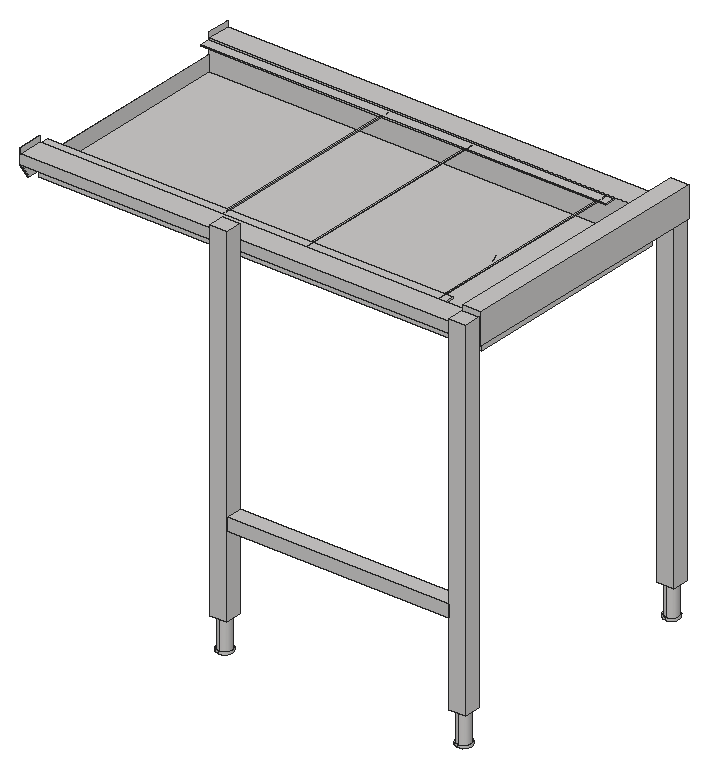
Revit family "QF_ELECTROLUXPROFESSIONAL_863131_HSSL11", category Specialty Equipment, Revit 2018
Family settings
  Round Connector Dimension = Use Diameter
  Part Type = Normal
  Work Plane-Based = No
  Always vertical = Yes
  Cut with Voids When Loaded = No
  Shared = No
  Room Calculation Point = No
Parameters
  Weight = 0.00 kg
  Watts = 0 W
  Volts = 0 V
  URL Manufacturer = "http://professional.electrolux.com/"
  URL = "http://professional.electrolux.com/"
  Steam Supply Size = 0 mm
  Steam Supply Minimum Pressure = 0.0 Pa
  Steam Supply Maximum Pressure = 0.0 Pa
  Steam Pounds per Hour = 0
  Refrigeration Suction Line Size = 0 mm
  Refrigeration Liquid Line Size = 0 mm
  Refrigerant Compressor Remote = yes
  Manufacturer = "Electrolux"
  Phase = 0
  Model = "HSSL11"
  Length Actual = 1100 mm  # constant formula
  Item Number = "863131"
  Hot Water Size = 0 mm
  Height Actual = 922 mm  # constant formula
  HP = "0 HP"
  Gas Size = 0 mm
  Gas KW = 0
  Gas Input Pressure = 0 W
  Description = "SIDE LOADER, DW DRIVEN L=1100"
  Depth Actual = 623 mm  # constant formula
  Cycle = 0 Hz
  Condensate Return Size = 0 mm
  Compressed Air Volume = 0.0 L/s
  Compressed Air Size = 0 mm
  Compressed Air Pressure = 0.0 Pa
  Cold Water Size = 0 mm
  Accessory = yes
Reference planes
  plane 1 "Centro (Fronte/Retro)": y = 74.737
  plane 2: z = 0
  plane 3 "LEFT": x = -1338.761
  plane 4 "BACK": y = 384.737
  plane 5 "FRONT": y = -235.263
  plane 6 "RIGHT": x = -238.761
  plane 7: z = 887.1
  plane 8: x = -548.761
Forms (mm)
  Extrusion 1, solid, material "QF_Finishes_Stainless Steel"
    sketch origin (11.239, 0, 0) x (0, 1, 0) y (0, 0, 1)
      loop
        line (-235.263, 874.1) -> (-235.263, 850.033) -> (-178.263, 850.033) -> (-178.263, 874.1) -> (-235.263, 874.1)
      loop
        line (384.737, 874.1) -> (327.737, 874.1) -> (327.737, 850.033) -> (384.737, 850.033) -> (384.737, 874.1)
    from -1348.8 to -293.54
  Extrusion 2, solid, material "QF_Finishes_Stainless Steel"
    sketch origin (11.239, 0, 0) x (0, 1, 0) y (0, 0, 1)
      loop
        line (-179.749, 850.033) -> (-179.749, 800.081) -> (329.266, 800.081) -> (329.266, 850.033) -> (327.737, 850.033) -> (327.737, 803.081) -> (-178.263, 803.081) -> (-178.263, 850.033) -> (-179.749, 850.033)
    from -1348.8 to -293.54
  Extrusion 3, solid, material "QF_Finishes_Stainless Steel"
    sketch origin (1218.899, 723.253, 4000) x (0, 1, 0) y (0, 0, 1)
      loop
        line (-903.002, -3149.967) -> (-903.002, -3199.919) -> (-393.987, -3199.919) -> (-393.987, -3149.967) -> (-903.002, -3149.967)
    from -1500 to -1501.2
  Extrusion 4, solid, material "QF_Finishes_Stainless Steel"
    sketch origin (-548.761, 803.498, 0) x (0, 1, 0) y (0, 0, 1)
      loop
        line (-1079.929, 300) -> (-1079.929, 270) -> (-1039.929, 270) -> (-1039.929, 300) -> (-1079.929, 300)
    from -264.04 to 266.46
  Extrusion 5, solid, material "QF_Finishes_Stainless Steel"
    sketch origin (162.439, 723.253, 4000) x (0, 1, 0) y (0, 0, 1)
      loop
        line (-958.516, -3112.9) -> (-958.516, -3149.967) -> (-934.752, -3185.632) -> (-903.002, -3185.632) -> (-903.002, -3199.919) -> (-382.009, -3199.919) -> (-382.009, -3185.632) -> (-362.281, -3185.632) -> (-338.516, -3149.967) -> (-338.516, -3112.9) -> (-395.516, -3112.9) -> (-395.516, -3161.926) -> (-901.516, -3161.926) -> (-901.516, -3112.9) -> (-958.516, -3112.9)
    from -1500 to -1501.2
  Extrusion 6, solid, material "QF_Finishes_Stainless Steel"
    sketch origin (800, 74.737, 0) x (1, 0, 0) y (0, 0, 1)
      loop
        line (-1082.301, 922.1) -> (-1082.301, 850.033) -> (-1038.761, 850.033) -> (-1038.761, 922.1) -> (-1082.301, 922.1)
    from -310 to 310
  Extrusion 7, solid, material "QF_Finishes_Stainless Steel"
    sketch origin (11.239, 0, 40) x (0, 1, 0) y (0, 0, 1)
      loop
        line (-178.263, 831.1) -> (-178.263, 828.1) -> (-152.853, 828.1) -> (-152.853, 831.1) -> (-178.263, 831.1)
      loop
        line (327.737, 828.1) -> (327.737, 831.1) -> (302.405, 831.1) -> (302.405, 828.1) -> (327.737, 828.1)
    from -1348.8 to -381.964
  Extrusion 8, solid, material "QF_Finishes_Stainless Steel"
    sketch origin (0, 74.737, 0) x (1, 0, 0) y (0, 0, 1)
      loop
        circle (-394.266, 866.614) r 1.486
      loop
        circle (-710.724, 866.614) r 1.486
      loop
        circle (-910.724, 866.614) r 1.486
    from -253 to 253
  Revolve 9, solid, material "QF_Finishes_Stainless Steel"
    sketch origin (-548.761, 0, 182.048) x (0, 1, 0) y (0, 0, 1)
      loop
        line (74.737, 618.033) -> (-1.756, 618.033) -> (-1.756, 601.823) -> (0.354, 601.823)
        arc (0.354, 601.823) -> (3.64, 597.973) -> (0.351, 594.125) r 3.897
        line (0.351, 594.125) -> (-1.756, 594.125) -> (-1.756, 551.31)
        arc (-1.756, 551.31) -> (8.91, 520.632) -> (36.296, 503.17) r 49.497
        line (36.296, 503.17) -> (36.296, 500.684) -> (37.487, 497.398) -> (51.25, 491.407) -> (51.25, 455.535) -> (52.727, 454.059) -> (74.737, 454.059) -> (74.737, 618.033)
      axis (74.737, 454.059) -> (74.737, 618.033)
    angle from 0 to 360
Cuts and joins
  joined: Extrusion 1, Extrusion 2, Extrusion 3, Extrusion 5, Extrusion 6, Extrusion 7, Extrusion 8
Lines and regions (mm)
  Masking region 1
    outline origin (0, 0, 0) x (1, 0, 0) y (0, 1, 0)
      loop
        line (-1338.761, 384.737) -> (-1338.761, -235.263) -> (-238.761, -235.263) -> (-238.761, 384.737) -> (-1338.761, 384.737)
  Split face 1
    outline origin (-282.301, 327.737, 803.081) x (-1, 0, 0) y (0, -1, 0)
      loop
        circle (266.46, 253) r 53
  Split face 2
    outline origin (-282.301, 327.737, 803.081) x (-1, 0, 0) y (0, -1, 0)
      loop
        circle (266.46, 253) r 36
  Split face 3
    outline origin (-282.301, 327.737, 803.081) x (-1, 0, 0) y (0, -1, 0)
      loop
        circle (266.46, 253) r 9.1
  Split face 4
    outline origin (-282.301, 327.737, 803.081) x (-1, 0, 0) y (0, -1, 0)
      loop
        circle (266.46, 253) r 3
  Split face 5
    outline origin (-282.301, 327.737, 803.081) x (-1, 0, 0) y (0, -1, 0)
      loop
        circle (266.46, 253) r 26
  symbolic lines
    curve 1: line (-238.761, 384.737, 0) -> (-1338.761, 384.737, 0)
    curve 2: line (-238.761, -235.263, 0) -> (-238.761, 384.737, 0)
    curve 3: line (-1338.761, -235.263, 0) -> (-238.761, -235.263, 0)
    curve 4: line (-282.301, -178.263, 0) -> (-1338.761, -178.263, 0)
    curve 5: line (-282.301, -235.263, 0) -> (-282.301, 384.737, 0)
    curve 6: line (-370.724, -178.263, 0) -> (-370.724, -152.853, 0)
    curve 7: line (-370.724, -152.853, 0) -> (-1338.761, -152.853, 0)
    curve 8: line (-912.211, -152.853, 0) -> (-912.211, 302.327, 0)
    curve 9: line (-1338.761, 327.737, 0) -> (-282.301, 327.737, 0)
    curve 10: line (-909.239, 302.327, 0) -> (-909.239, -152.853, 0)
    curve 11: line (-395.752, -152.853, 0) -> (-395.752, 302.327, 0)
    curve 12: line (-392.779, 302.147, 0) -> (-392.779, -152.853, 0)
    curve 13: line (-370.724, 327.737, 0) -> (-370.724, 302.327, 0)
    curve 14: line (-370.724, 302.327, 0) -> (-1338.761, 302.327, 0)
    curve 15: line (-1338.761, 74.737, 0) -> (-1308.761, 74.737, 0)
    curve 16: line (-548.761, -235.263, 0) -> (-548.761, -205.263, 0)
    curve 17: arc (-548.761, -1.756, 0) -> (-625.254, 74.737, 0) -> (-548.761, 151.231, 0) r 76.494
    curve 18: arc (-548.761, 151.231, 0) -> (-472.267, 74.737, 0) -> (-548.761, -1.756, 0) r 76.494
    curve 19: arc (-548.761, 96.747, 0) -> (-570.771, 74.737, 0) -> (-548.761, 52.727, 0) r 22.01
    curve 20: arc (-548.761, 52.727, 0) -> (-526.751, 74.737, 0) -> (-548.761, 96.747, 0) r 22.01
    curve 21: line (-712.211, -152.853, 0) -> (-712.211, 302.327, 0)
    curve 22: line (-709.239, 302.327, 0) -> (-709.239, -152.853, 0)
Dimensions and locks
  plane 3 "LEFT" to plane 6 "RIGHT" = 1100 mm
  equal spacing: plane 4 "BACK", plane 1 "Centro (Fronte/Retro)", plane 5 "FRONT"
  plane 4 "BACK" to plane 5 "FRONT" = 620 mm
  cut or joined group of Extrusion 1, Extrusion 2, Extrusion 3, Extrusion 5, Extrusion 6, Extrusion 7, Extrusion 8 to cut or joined group of Extrusion 1, Extrusion 2, Extrusion 3, Extrusion 5, Extrusion 6, Extrusion 7, Extrusion 8 = 506 mm
  Extrusion 8 sketch curve to Extrusion 8 sketch curve to Extrusion 8 sketch curve to plane 6 "RIGHT" = 200 mm locked, 316.459 mm locked, 155.505 mm locked
  plane 8 to plane 6 "RIGHT" = 310 mm
  aligned and locked: level to plane 2
Automatic sketch dimensions
  plane 5 "FRONT" to Extrusion 2 sketch curve = 55.514 mm
  Extrusion 2 sketch curve to Extrusion 2 sketch curve = 1.486 mm
  Extrusion 2 sketch curve to plane 4 "BACK" = 57 mm
  Extrusion 2 sketch curve to Extrusion 2 sketch curve = 1.529 mm
  Extrusion 2 sketch curve to plane 7 = 87.019 mm
  Extrusion 2 sketch curve to Extrusion 2 sketch curve = 3 mm
  Extrusion 2 sketch curve to plane 7 = 37.067 mm  (x2)
  plane 5 "FRONT" to Extrusion 3 sketch curve = 55.514 mm
  Extrusion 3 sketch curve to plane 4 "BACK" = 55.471 mm
  Extrusion 3 sketch curve to plane 7 = 87.019 mm
  Extrusion 3 sketch curve to plane 7 = 37.067 mm
  Masking region 1 sketch curve to plane 3 "LEFT" = 0 mm
  Masking region 1 sketch curve to plane 5 "FRONT" = 0 mm
  Masking region 1 sketch curve to plane 6 "RIGHT" = 0 mm
  Masking region 1 sketch curve to plane 4 "BACK" = 0 mm
  Extrusion 4 sketch curve to plane 5 "FRONT" = 41.168 mm
  Extrusion 4 sketch curve to plane 5 "FRONT" = 1.168 mm
  level to Extrusion 4 sketch curve = 270 mm
  Extrusion 4 sketch curve to Extrusion 4 sketch curve = 30 mm
  Extrusion 5 sketch curve to plane 5 "FRONT" = 0 mm
  Extrusion 5 sketch curve to plane 7 = 0 mm  (x2)
  Extrusion 5 sketch curve to plane 4 "BACK" = 0 mm
  plane 5 "FRONT" to Extrusion 5 sketch curve = 23.764 mm
  Extrusion 5 sketch curve to Extrusion 5 sketch curve = 31.75 mm
  plane 5 "FRONT" to Extrusion 5 sketch curve = 57 mm
  Extrusion 5 sketch curve to plane 4 "BACK" = 57 mm
  Extrusion 5 sketch curve to Extrusion 5 sketch curve = 13.508 mm
  Extrusion 5 sketch curve to Extrusion 5 sketch curve = 19.728 mm
  Extrusion 5 sketch curve to plane 7 = 37.067 mm  (x2)
  Extrusion 5 sketch curve to Extrusion 5 sketch curve = 11.959 mm
  Extrusion 5 sketch curve to Extrusion 5 sketch curve = 23.706 mm  (x2)
  Extrusion 5 sketch curve to Extrusion 5 sketch curve = 14.287 mm
  Extrusion 6 sketch curve to plane 6 "RIGHT" = 0 mm
  Extrusion 6 sketch curve to plane 6 "RIGHT" = 43.54 mm
  Extrusion 6 sketch curve to plane 7 = 37.067 mm
  plane 7 to Extrusion 6 sketch curve = 35 mm
  plane 5 "FRONT" to Extrusion 7 sketch curve = 57 mm
  Extrusion 7 sketch curve to plane 4 "BACK" = 57 mm
  Extrusion 7 sketch curve to plane 7 = 16 mm  (x2)
  Extrusion 7 sketch curve to Extrusion 7 sketch curve = 25.41 mm
  Extrusion 7 sketch curve to Extrusion 7 sketch curve = 25.332 mm
  Extrusion 7 sketch curve to Extrusion 7 sketch curve = 3 mm  (x2)
  Extrusion 1 sketch curve to plane 5 "FRONT" = 0 mm
  Extrusion 1 sketch curve to plane 4 "BACK" = 0 mm
  plane 5 "FRONT" to Extrusion 1 sketch curve = 57 mm
  Extrusion 1 sketch curve to plane 7 = 13 mm  (x2)
  Extrusion 1 sketch curve to plane 4 "BACK" = 57 mm
  Extrusion 1 sketch curve to Extrusion 1 sketch curve = 24.067 mm
  Extrusion 1 sketch curve to plane 7 = 37.067 mm
  plane 1 "Centro (Fronte/Retro)" to Revolve 9 sketch curve = 76.494 mm
  Revolve 9 sketch curve to Revolve 9 sketch curve = 0 mm  (x2)
  Revolve 9 sketch curve to Revolve 9 sketch curve = 1.5 mm
  Revolve 9 sketch curve to Revolve 9 sketch curve = 2.107 mm
  Revolve 9 sketch curve to Revolve 9 sketch curve = 2.11 mm
  plane 1 "Centro (Fronte/Retro)" to Revolve 9 sketch curve = 38.441 mm
  Revolve 9 sketch curve to Revolve 9 sketch curve = 1.191 mm
  plane 1 "Centro (Fronte/Retro)" to Revolve 9 sketch curve = 26.996 mm
  Revolve 9 sketch curve to Revolve 9 sketch curve = 13.764 mm
  Revolve 9 sketch curve to Revolve 9 sketch curve = 1.476 mm  (x2)
  Revolve 9 sketch curve to Revolve 9 sketch curve = 22.01 mm
  Revolve 9 sketch curve to plane 7 = 250.993 mm
  Revolve 9 sketch curve to Revolve 9 sketch curve = 35.872 mm
  Revolve 9 sketch curve to Revolve 9 sketch curve = 5.991 mm
  Revolve 9 sketch curve to Revolve 9 sketch curve = 3.286 mm
  Revolve 9 sketch curve to Revolve 9 sketch curve = 2.486 mm
  Revolve 9 sketch curve to Revolve 9 sketch curve = 48.139 mm
  Revolve 9 sketch curve to Revolve 9 sketch curve = 42.815 mm
  Revolve 9 sketch curve to Revolve 9 sketch curve = 3.849 mm
  Revolve 9 sketch curve to Revolve 9 sketch curve = 66.706 mm
  Revolve 9 sketch curve to Revolve 9 sketch curve = 3 mm
  Revolve 9 sketch curve to Revolve 9 sketch curve = 14.991 mm
  Extrusion 8 sketch curve to plane 7 = 20.486 mm  (x3)
  cut or joined group of Extrusion 1, Extrusion 2, Extrusion 3, Extrusion 5, Extrusion 6, Extrusion 7, Extrusion 8 to Split face 1 sketch curve = 266.46 mm
  cut or joined group of Extrusion 1, Extrusion 2, Extrusion 3, Extrusion 5, Extrusion 6, Extrusion 7, Extrusion 8 to Split face 1 sketch curve = 253 mm
  cut or joined group of Extrusion 1, Extrusion 2, Extrusion 3, Extrusion 5, Extrusion 6, Extrusion 7, Extrusion 8 to Split face 2 sketch curve = 266.46 mm
  cut or joined group of Extrusion 1, Extrusion 2, Extrusion 3, Extrusion 5, Extrusion 6, Extrusion 7, Extrusion 8 to Split face 2 sketch curve = 253 mm
  cut or joined group of Extrusion 1, Extrusion 2, Extrusion 3, Extrusion 5, Extrusion 6, Extrusion 7, Extrusion 8 to Split face 3 sketch curve = 266.46 mm
  cut or joined group of Extrusion 1, Extrusion 2, Extrusion 3, Extrusion 5, Extrusion 6, Extrusion 7, Extrusion 8 to Split face 3 sketch curve = 253 mm
  cut or joined group of Extrusion 1, Extrusion 2, Extrusion 3, Extrusion 5, Extrusion 6, Extrusion 7, Extrusion 8 to Split face 4 sketch curve = 266.46 mm
  cut or joined group of Extrusion 1, Extrusion 2, Extrusion 3, Extrusion 5, Extrusion 6, Extrusion 7, Extrusion 8 to Split face 4 sketch curve = 253 mm
  cut or joined group of Extrusion 1, Extrusion 2, Extrusion 3, Extrusion 5, Extrusion 6, Extrusion 7, Extrusion 8 to Split face 5 sketch curve = 266.46 mm
  cut or joined group of Extrusion 1, Extrusion 2, Extrusion 3, Extrusion 5, Extrusion 6, Extrusion 7, Extrusion 8 to Split face 5 sketch curve = 253 mm
  curve 17 to curve 18 = 0 mm  (x2)
  curve 17 to curve 19 = 0 mm  (x2)
  curve 17 to curve 20 = 0 mm  (x2)
  curve 18 to curve 19 = 0 mm  (x2)
  curve 18 to curve 20 = 0 mm  (x2)
  curve 19 to curve 20 = 0 mm  (x2)
  curve 1 to plane 3 "LEFT" = 0 mm
  plane 1 "Centro (Fronte/Retro)" to curve 15 = 0 mm
  curve 15 to plane 3 "LEFT" = 0 mm
  curve 14 to plane 3 "LEFT" = 0 mm
  curve 3 to plane 3 "LEFT" = 0 mm
  curve 9 to plane 3 "LEFT" = 0 mm
  curve 4 to plane 3 "LEFT" = 0 mm
  curve 7 to plane 3 "LEFT" = 0 mm
  curve 16 to plane 5 "FRONT" = 0 mm
  curve 19 to plane 8 = 0 mm
  curve 5 to plane 4 "BACK" = 0 mm
  curve 2 to plane 6 "RIGHT" = 0 mm
  plane 1 "Centro (Fronte/Retro)" to curve 18 = 0 mm
  curve 13 to plane 6 "RIGHT" = 131.964 mm
  curve 7 to plane 6 "RIGHT" = 131.964 mm
  plane 5 "FRONT" to curve 6 = 82.41 mm
  curve 13 to plane 4 "BACK" = 82.41 mm
  curve 15 to curve 15 = 30 mm
  plane 5 "FRONT" to curve 16 = 30 mm
  plane 3 "LEFT" to curve 16 = 790 mm
  curve 8 to curve 16 = 363.45 mm
  curve 8 to curve 10 = 2.973 mm
  curve 21 to plane 8 = 163.45 mm
  curve 21 to curve 22 = 2.973 mm
  curve 11 to curve 13 = 25.027 mm
  curve 11 to curve 12 = 2.973 mm
  curve 5 to curve 1 = 43.54 mm
  curve 4 to curve 7 = 25.41 mm
  curve 18 to curve 17 = 76.494 mm
  curve 20 to curve 17 = 22.01 mm
  curve 12 to curve 11 = 0.181 mm
  curve 13 to curve 13 = 25.41 mm
  radius of Extrusion 8 sketch curve = 1.486 mm  (x3)
  radius of Split face 1 sketch curve = 53 mm
  radius of Split face 2 sketch curve = 36 mm
  radius of Split face 3 sketch curve = 9.1 mm
  radius of Split face 4 sketch curve = 3 mm
  radius of Split face 5 sketch curve = 26 mm
Nested families
  nested 1: "Foot_40x40" at (-832.801, -256.431, 0) x (0, 1, 0) z (0, 0, 1), type "Foot_40x40"
    with A 910 mm
  nested 2: "Foot_40x40" at (-262.253, -256.431, 0) x (0, 1, 0) z (0, 0, 1), type "Foot_40x40"
    with A 910 mm
  nested 3: "Foot_40x40" at (-262.253, 363.569, 0) x (0, 1, 0) z (0, 0, 1), type "Foot_40x40"
    with A 850.033 mm
Connectors
  piping at (-548.761, 74.737, 636.107), diameter 30
    settings: on Revolve 9, index 1, connector inside diameter 609.6 mm, connector length 0 mm, flow factor 0, pipe flow 0.0 L/s, pressure drop 0.0 Pa, fitting loss kfactor 0, connector angle 0.00°, fixture units 0, engagement length 0 mm, angle of deflection 0.00°, flow configuration 1, flow direction 2, fitting loss method 0, system type 16, joint type 0, gender type 0, connector reference index -1, connector utility 0, adjustable connector no, is connector primary yes, connector description "Drain"
Definition of nested family "Foot_40x40"
  Parameters
    A [instance] = 850 mm
  Reference planes
    plane 1 "Centro (Fronte/Retro)": y = 0
    plane 2: z = 0
    plane 3 "Centro (Sinistra/Destra)": x = 0
    plane 4: z = 850
  Forms (mm)
    Extrusion 1, solid
      sketch origin (0, 0, 0) x (1, 0, 0) y (0, 1, 0)
        loop
          circle (0, 0) r 18
      from 0 to 5
    Extrusion 2, solid
      sketch origin (0, 0, 5) x (1, 0, 0) y (0, 1, 0)
        loop
          circle (0, 0) r 15
      from 0 to 70
    Extrusion 3, solid
      sketch origin (0, 0, 75) x (1, 0, 0) y (0, 1, 0)
        loop
          line (-20, 20) -> (-20, -20) -> (20, -20) -> (20, 20) -> (-20, 20)
      from 0 to 775
  Dimensions and locks
    "A": plane 4 to plane 2
    aligned and locked: level to plane 2
    aligned and locked: plane 4 to Extrusion 3
    aligned and locked: Extrusion 1 to level
  Automatic sketch dimensions
    plane 1 "Centro (Fronte/Retro)" to Extrusion 1 sketch curve = 0 mm
    Extrusion 1 sketch curve to plane 3 "Centro (Sinistra/Destra)" = 0 mm
    Extrusion 3 sketch curve to Extrusion 3 sketch curve = 40 mm  (x2)
    radius of Extrusion 1 sketch curve = 18 mm
    radius of Extrusion 2 sketch curve to Extrusion 1 = 3 mm
